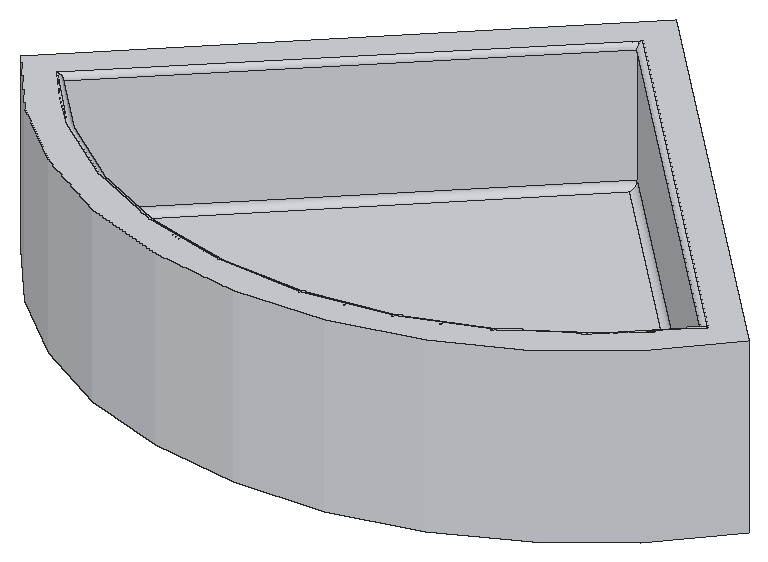
Revit family "PFX_A3-Julia", category Plumbing Fixtures, Revit 2016
Family settings
  Part Type = Normal
  Round Connector Dimension = Use Diameter
  Work Plane-Based = No
  Always vertical = Yes
  Cut with Voids When Loaded = No
  Shared = No
  Room Calculation Point = No
Parameters (values of type "Julia")
  URL = "www.Librabath.co.za"
  Model Type = "Corner Bath"
  Model = "Julia"
  Material = none
  Manufacturer = "Libra baths"
  Manufacture Code = ""
  Base offset = 15 mm
  Assembly Code = "D2010510"
Reference planes
  plane 1 "Center (Front/Back)": y = 0
  plane 2: z = 0
  plane 3 "Center (Left/Right)": x = 0
  plane 4: z = 15
Lines and regions (mm)
  symbolic lines
    curve 1: line (0, -1319.578, 15) -> (0, -464.551, 15)
    curve 2: line (0, -380.284, 68.194) -> (0, -328.337, 279.355)
    curve 3: arc (0, -328.336, 272.454) -> (0, -317.917, 289.695) -> (0, -298.942, 296.458) r 30
    curve 4: line (0, -298.942, 296.458) -> (0, -118.449, 296.458)
    curve 5: arc (0, -118.449, 296.458) -> (0, -114.62, 297.509) -> (0, -111.865, 300.367) r 7.5
    curve 6: line (0, -111.865, 300.367) -> (0, -104.224, 314.377)
    curve 7: line (0, -1501.194, 314.377) -> (0, 0, 314.377)
    curve 8: line (0, 0, 314.377) -> (0, 0, 333.817)
    curve 9: arc (0, 0, 333.817) -> (0, -2.197, 339.12) -> (0, -7.5, 341.317) r 7.5
    curve 10: line (0, -7.5, 341.317) -> (0, -1497.444, 341.317)
    curve 11: arc (0, -1497.444, 341.317) -> (0, -1500.096, 340.218) -> (0, -1501.194, 337.567) r 3.75
    curve 12: line (0, -1501.194, 337.567) -> (0, -1501.194, 314.377)
    curve 13: line (0, -1429.522, 240.682) -> (0, -1397.491, 67.752)
    curve 14: line (0, -1437.805, 292.98) -> (0, -1441.194, 314.377)
    curve 15: arc (0, -1319.578, 15) -> (0, -1367.713, 27.82) -> (0, -1397.491, 67.752) r 75.783
    curve 16: arc (0, -464.551, 15) -> (0, -413.913, 28.123) -> (0, -380.284, 68.194) r 85.872
    curve 17: line (0.159, -2.429, 0) -> (-1003.932, -1006.521, 0)
    curve 18: line (0.159, -2.429, 0) -> (1004.251, -1006.521, 0)
    curve 19: line (-109.8, -179.624, 0) -> (-693.81, -848.903, 0)
    curve 20: line (109.8, -179.624, 0) -> (693.81, -848.903, 0)
    curve 21: circle (0.475, -911.879, 0) r 39 normal (0, 0, 1)
    curve 22: arc (-109.8, -179.624, 0) -> (0, -133.824, 0) -> (109.8, -179.624, 0) r 154.518
    curve 23: arc (-295.375, -460.901, 0) -> (0, -382.326, 0) -> (295.375, -460.901, 0) r 594.467
    curve 24: arc (-535.129, -1222.753, 0) -> (0, -545.723, 0) -> (535.129, -1222.753, 0) r 550
    curve 25: arc (-693.81, -848.903, 0) -> (-692.852, -1213.305, 0) -> (-358.452, -1358.099, 0) r 332.585
    curve 26: arc (-1003.932, -1006.521, 0) -> (0.159, -1502.429, 0) -> (1004.251, -1006.521, 0) r 1264.473
    curve 27: arc (-368.895, -1326.795, 0) -> (-261.21, -1314.053, 0) -> (-157.323, -1345.131, 0) r 267.333
    curve 28: arc (157.323, -1345.131, 0) -> (261.21, -1314.053, 0) -> (368.895, -1326.795, 0) r 267.333
    curve 29: arc (-358.452, -1358.099, 0) -> (-264.059, -1346.93, 0) -> (-172.996, -1374.171, 0) r 234.333
    curve 30: arc (-172.996, -1374.171, 0) -> (5.653, -1433.163, 0) -> (184.301, -1374.171, 0) r 300
    curve 31: arc (184.301, -1374.171, 0) -> (269.444, -1345.196, 0) -> (358.452, -1358.099, 0) r 192.337
    curve 32: arc (358.452, -1358.099, 0) -> (692.852, -1213.305, 0) -> (693.81, -848.903, 0) r 332.585
Dimensions and locks
  "Base offset": level to plane 4
Automatic sketch dimensions
  curve 15 to plane 4 = 0 mm
  curve 8 to plane 1 "Center (Front/Back)" = 0 mm
  curve 13 to curve 15 = 72.266 mm
  curve 15 to curve 15 = 5.647 mm
  plane 1 "Center (Front/Back)" to curve 1 = 464.551 mm
  curve 16 to curve 16 = 4.801 mm
  curve 2 to plane 4 = 53.194 mm
  curve 16 to curve 2 = 79.466 mm
  curve 16 to curve 2 = 51.947 mm
  curve 2 to curve 3 = 0.001 mm
  curve 2 to curve 4 = 29.396 mm
  plane 1 "Center (Front/Back)" to curve 4 = 118.449 mm
  curve 5 to curve 6 = 6.584 mm
  curve 6 to curve 6 = 7.641 mm
  plane 1 "Center (Front/Back)" to curve 10 = 7.5 mm
  curve 1 to curve 15 = 52.752 mm
  curve 13 to curve 13 = 172.93 mm
  curve 16 to curve 3 = 198.265 mm
  curve 3 to curve 3 = 5.996 mm
  curve 3 to curve 2 = 6.901 mm
  curve 13 to curve 14 = 52.298 mm
  curve 4 to curve 6 = 3.909 mm
  curve 7 to plane 4 = 299.377 mm
  curve 7 to curve 8 = 19.44 mm
  curve 7 to curve 14 = 60 mm
  curve 14 to curve 14 = 3.389 mm
  curve 14 to curve 13 = 8.283 mm
  curve 1 to curve 1 = 855.026 mm
  curve 13 to curve 13 = 32.031 mm
  curve 11 to curve 11 = 3.75 mm
  curve 22 to plane 3 "Center (Left/Right)" = 0 mm
  curve 23 to plane 3 "Center (Left/Right)" = 0 mm
  curve 27 to plane 3 "Center (Left/Right)" = 157.323 mm
  curve 23 to plane 3 "Center (Left/Right)" = 295.375 mm
  plane 3 "Center (Left/Right)" to curve 26 = 0.159 mm
  plane 3 "Center (Left/Right)" to curve 30 = 5.653 mm
  plane 3 "Center (Left/Right)" to curve 20 = 109.8 mm
  curve 32 to curve 32 = 278.715 mm
  plane 1 "Center (Front/Back)" to curve 23 = 460.901 mm
  plane 1 "Center (Front/Back)" to curve 22 = 288.342 mm
  curve 27 to curve 29 = 0 mm  (x2)
  curve 24 to plane 3 "Center (Left/Right)" = 0 mm
  curve 25 to curve 27 = 201.129 mm
  curve 27 to curve 29 = 10.444 mm
  curve 25 to curve 27 = 46.2 mm
  curve 24 to curve 27 = 166.234 mm
  curve 25 to curve 25 = 278.715 mm
  curve 26 to curve 25 = 310.122 mm
  curve 25 to curve 27 = 74.16 mm
  curve 30 to curve 27 = 15.673 mm
  curve 22 to plane 3 "Center (Left/Right)" = 109.8 mm
  plane 3 "Center (Left/Right)" to curve 17 = 0.159 mm
  plane 3 "Center (Left/Right)" to curve 21 = 0.475 mm
  plane 3 "Center (Left/Right)" to curve 28 = 157.323 mm
  curve 28 to curve 30 = 26.979 mm
  curve 31 to curve 28 = 99.99 mm
  curve 28 to curve 31 = 2.828 mm
  plane 3 "Center (Left/Right)" to curve 23 = 295.375 mm
  curve 31 to curve 32 = 174.15 mm
  curve 31 to curve 28 = 10.444 mm
  curve 28 to curve 32 = 46.2 mm
  curve 28 to curve 24 = 166.234 mm
  curve 20 to curve 26 = 310.441 mm
  curve 25 to curve 23 = 388.002 mm
  curve 32 to curve 23 = 388.002 mm
  curve 21 to curve 23 = 450.978 mm
  curve 23 to curve 21 = 64.914 mm
  curve 26 to curve 25 = 157.618 mm
  curve 25 to curve 25 = 181.469 mm
  curve 32 to curve 20 = 181.469 mm
  curve 24 to curve 23 = 118.93 mm
  curve 30 to curve 24 = 37.441 mm
  curve 25 to curve 24 = 135.346 mm
  curve 31 to curve 28 = 31.304 mm
  curve 25 to curve 27 = 31.304 mm
  curve 29 to curve 27 = 12.968 mm
  curve 30 to curve 28 = 29.04 mm
  curve 22 to curve 26 = 50.385 mm
  curve 26 to curve 22 = 58.333 mm
  plane 1 "Center (Front/Back)" to curve 17 = 2.429 mm
  radius of curve 21 = 39 mm
Nested families
  nested 1: "Generic Corner Bath" at (0.159, -2.429, 0), type "Generic Corner Bath"
Definition of nested family "Generic Corner Bath"
  Parameters
    Material = none
  Reference planes
    plane 1 "Center (Front/Back)": y = 0
    plane 2: z = 0
    plane 3 "Center (Left/Right)": x = 0
  Forms (mm)
    Extrusion 1, solid, material <- "Material"
      sketch origin (0, 0, 0) x (1, 0, 0) y (0, 1, 0)
        loop
          line (0, 0) -> (-1060.66, -1060.66)
          arc (-1060.66, -1060.66) -> (0, -1608.995) -> (1060.66, -1060.66) r 1300
          line (1060.66, -1060.66) -> (0, 0)
      from 0 to 500
    Extrusion 2, void
      sketch origin (0, 0, 0) x (1, 0, 0) y (0, 1, 0)
        loop
          line (0, -141.421) -> (-928.168, -1069.59)
          arc (-928.168, -1069.59) -> (0, -1508.995) -> (928.168, -1069.59) r 1200
          line (928.168, -1069.59) -> (0, -141.421)
      from 125.028 to 500
    Extrusion 3, void
      sketch origin (0, 0, 0) x (1, 0, 0) y (0, 1, 0)
        loop
          circle (0, -1316.437) r 20
      from 0 to 125.028
    Sweep 4, solid, material <- "Material"
      path origin (0, 0, 0) x (1, 0, 0) y (0, 1, 0)
        loop
          line (0, -141.421) -> (-928.168, -1069.59)
          arc (-928.168, -1069.59) -> (0, -1508.995) -> (928.168, -1069.59) r 1200
          line (928.168, -1069.59) -> (0, -141.421)
      profile origin (-464.084, -605.505, 0) x (0.707107, -0.707107, 0) y (0, 0, 1)
        loop
          line (0, 125.028) -> (20, 125.028)
          arc (20, 125.028) -> (5.858, 130.886) -> (0, 145.028) r 20
          line (0, 145.028) -> (0, 125.028)
    Sweep 5, void
      path origin (0, 0, 0) x (1, 0, 0) y (0, 1, 0)
        loop
          line (0, -141.421) -> (-928.168, -1069.59)
          arc (-928.168, -1069.59) -> (0, -1508.995) -> (928.168, -1069.59) r 1200
          line (928.168, -1069.59) -> (0, -141.421)
      profile origin (-464.084, -605.505, 0) x (0.707107, -0.707107, 0) y (0, 0, 1)
        loop
          line (0, 500) -> (-15, 500)
          arc (-15, 500) -> (-4.393, 495.607) -> (0, 485) r 15
          line (0, 485) -> (0, 500)
  Cuts and joins
    Extrusion 2, Extrusion 3, Sweep 5 cuts Extrusion 1
    joined: Extrusion 1, Sweep 4
  Dimensions and locks
    aligned and locked: Sweep 5 sketch curve to cut or joined group of Extrusion 1, Extrusion 2, Extrusion 3, Sweep 4, Sweep 5  (x3)
